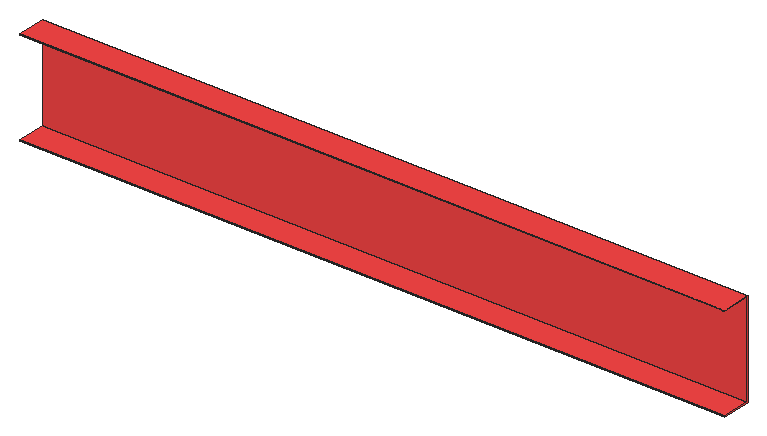
Revit family "BIMSF-SSMA-T1", category Structural Framing, Revit 2024
Family settings
  Section Shape = C Profile
  Material for Model Behavior = Steel
  Always export as geometry = No
  Always vertical = Yes
  Cut with Voids When Loaded = No
  Symbolic Representation = From Project Settings
  Shared = No
  Show family pre-cut in plan views = Yes
Parameters (values of type "CF 800T250-54(50)")
  tf = 0' - 0.0568"
  Weight = 3.15 lbf/ft
  Structural Material = MWF-Red-(unassigned)
  Short Tag = ""
  Reported Length [instance] = 5' - 0"
  Model = "V3"
  Long Tag = ""
  DimpleLine = 0' - 0"
  Assembly Code = "B10"
  Length [instance] = 5' - 0"
  bf = 0' - 2 1/2"
  d = 0' - 8"
  temp_tf = if(tf < 0' 0 1/32", 0' 0 1/32", tf)  # 0' - 0.0568"
Types (22): name | tf | Weight | Structural Material | bf | d | temp_tf
  CF 800T250-54(50) | 0' - 0.0568" | 3.15 lbf/ft | MWF-Red-(unassigned) | 0' - 2 1/2" | 0' - 8" | 0' - 0.0568"
  800T250-54(50) | 0' - 0.0568" | 3.15 lbf/ft | Metal - Steel - ASTM A992 | 0' - 2 1/2" | 0' - 8" | 0' - 0.0568"
  CF 400T125-33 | 0' - 0.03474" | 0.76 lbf/ft | Metal - Steel - ASTM A992 | 0' - 1 1/4" | 0' - 4" | 0' - 0.03474"
  CF 362T125-33 | 0' - 0.03474" | 0.72 lbf/ft | MWF_RED | 0' - 1 1/4" | 0' - 3.62" | 0' - 0.03474"
  800T125-33(33) | 0' - 0.0347" | 1.24 lbf/ft | Metal - Steel - ASTM A992 | 0' - 1 1/4" | 0' - 8" | 0' - 0.0347"
  CF 800T125-33 | 0' - 0.03474" | 1.24 lbf/ft | MWF_RED | 0' - 1 1/4" | 0' - 8" | 0' - 0.03474"
  CF 600T125-33 | 0' - 0.03474" | 0.00 lbf/ft | MWF_RED | 0' - 1 1/4" | 0' - 6" | 0' - 0.03474"
  600T125-33(33) | 0' - 0.0347" | 1.00 lbf/ft | Metal - Steel - ASTM A992 | 0' - 1 1/4" | 0' - 6" | 0' - 0.0347"
  800T125-33 RED | 0' - 0.03474" | 1.24 lbf/ft | MWF_RED | 0' - 1 1/4" | 0' - 8" | 0' - 0.03474"
  362T125-33 RED | 0' - 0.03474" | 0.72 lbf/ft | MWF_RED | 0' - 1 1/4" | 0' - 3.62" | 0' - 0.03474"
  600T125-33 RED | 0' - 0.03474" | 0.00 lbf/ft | Metal - Steel - ASTM A992 | 0' - 1 1/4" | 0' - 6" | 0' - 0.03474"
  400T125-33 RED | 0' - 0.03474" | 0.76 lbf/ft | Metal - Steel - ASTM A992 | 0' - 1 1/4" | 0' - 4" | 0' - 0.03474"
  1000T125-43 | 0' - 0.04526" | 1.92 lbf/ft | Metal - Steel - ASTM A992 | 0' - 1 1/4" | 0' - 10" | 0' - 0.04526"
  800T125-33 | 0' - 0.03474" | 1.24 lbf/ft | Metal - Steel - ASTM A992 | 0' - 1 1/4" | 0' - 8" | 0' - 0.03474"
  550T125-33 | 0' - 0.03474" | 0.94 lbf/ft | Metal - Steel - ASTM A992 | 0' - 1 1/4" | 0' - 5 1/2" | 0' - 0.03474"
  400T125-33 | 0' - 0.03474" | 0.76 lbf/ft | Metal - Steel - ASTM A992 | 0' - 1 1/4" | 0' - 4" | 0' - 0.03474"
  362T125-33 | 0' - 0.03474" | 0.72 lbf/ft | Metal - Steel - ASTM A992 | 0' - 1 1/4" | 0' - 3.62" | 0' - 0.03474"
  350T125-33 | 0' - 0.03474" | 0.71 lbf/ft | Metal - Steel - ASTM A992 | 0' - 1 1/4" | 0' - 3 1/2" | 0' - 0.03474"
  250T125-33 | 0' - 0.03474" | 0.59 lbf/ft | Metal - Steel - ASTM A992 | 0' - 1 1/4" | 0' - 2 1/2" | 0' - 0.03474"
  162T125-33 | 0' - 0.03474" | 0.49 lbf/ft | Metal - Steel - ASTM A992 | 0' - 1 1/4" | 0' - 1.62" | 0' - 0.03474"
  600T125-33 | 0' - 0.03474" | 0.00 lbf/ft | Metal - Steel - ASTM A992 | 0' - 1 1/4" | 0' - 6" | 0' - 0.03474"
  1000T250-54 | 0' - 0.05684" | 0.00 lbf/ft | Metal - Steel - ASTM A992 | 0' - 2 1/2" | 0' - 10" | 0' - 0.05684"
Reference planes (in)
  plane 1 "Center (Front/Back)": y = 0
  plane 2: z = 0
  plane 3 "Center (Left/Right)": x = 0.1815
  plane 4 "Top": z = 4.0568
  plane 5: z = -4.0568
  plane 6 "Left": x = -29.8185
  plane 7 "Right": x = 30.1815
  plane 8: y = -1.25
  plane 9: y = 1.25
  plane 10: y = 1.1932
  plane 11: z = 4
  plane 12: z = -4
Forms (in)
  Extrusion 1, solid, material "MWF-Red-(unassigned)" <- "Structural Material", detail levels medium+fine
    sketch origin (-29.8185, 0.02734, 0.16016) x (0, -1, 0) y (0, 0, 1)
      loop
        line (1.27734, 3.89664) -> (-1.22266, 3.89664) -> (-1.22266, -4.21696) -> (1.27734, -4.21696) -> (1.27734, -4.16016) -> (-1.16586, -4.16016) -> (-1.16586, 3.83984) -> (1.27734, 3.83984) -> (1.27734, 3.89664)
    from -60 to 0
Lines and regions (in)
  model lines, style "BIMSF.Framing", not visible, detail levels coarse
    curve 1: line (-29.8185, 0, 0) -> (30.1815, 0, 0)
Dimensions and locks (in)
  "d": plane 12 to plane 11
  equal spacing: plane 5, plane 2, plane 4 "Top"
  "Length": plane 6 "Left" to plane 7 "Right"
  "bf": plane 9 to plane 8
  equal spacing: plane 9, plane 1 "Center (Front/Back)", plane 8
  "temp_tf": plane 4 "Top" to plane 11
  "temp_tf": plane 12 to plane 5
  "temp_tf": plane 9 to plane 10
  "Reported Length": Extrusion 1 to Extrusion 1
  aligned and locked: Extrusion 1 sketch curve to plane 4 "Top"
  aligned and locked: plane 8 to Extrusion 1 sketch curve  (x2)
  aligned and locked: Extrusion 1 sketch curve to plane 11
  aligned and locked: Extrusion 1 sketch curve to plane 10
  aligned and locked: plane 12 to Extrusion 1 sketch curve
  aligned and locked: plane 5 to Extrusion 1 sketch curve
  aligned and locked: Extrusion 1 sketch curve to plane 9
  aligned and locked: plane 2 to level
  aligned and locked: Extrusion 1 to plane 7 "Right"
  aligned and locked: plane 6 "Left" to Extrusion 1
  aligned and locked: plane 1 "Center (Front/Back)" to curve 1
  aligned and locked: plane 6 "Left" to curve 1
  aligned and locked: plane 7 "Right" to curve 1
